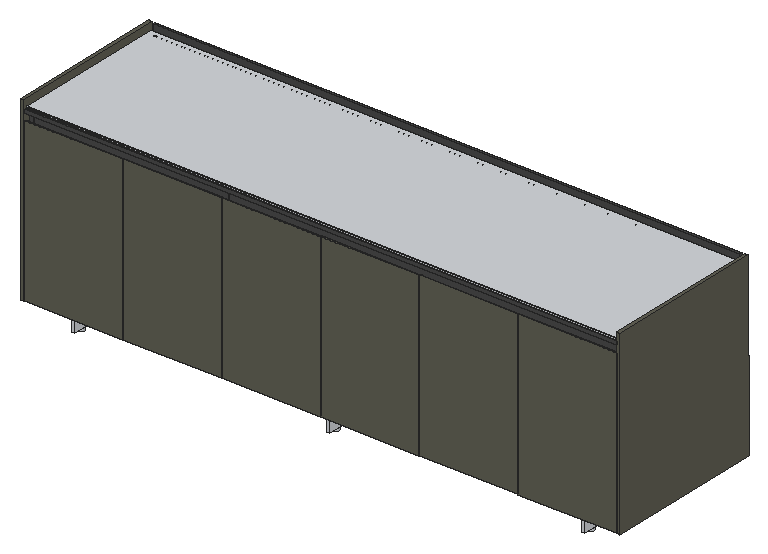
Revit family "Storage-Teknion-CW3B_C+D_Three_Storage_Credenza_29_Height_Low_Base-R2020", category Furniture, Revit 2020 (continued)
Automatic sketch dimensions
  Sweep 22 sketch curve to Sweep 22 sketch curve = 0.250"  (x4)
  Masking region 1 sketch curve to plane 12 = 0.02953"
  Masking region 1 sketch curve to Masking region 1 sketch curve = 0.05906"
  plane 1 "Center Front/Back" to Sweep 25 sketch curve = 10.29016"
  Sweep 25 sketch curve to Sweep 25 sketch curve = 0.3622"
  Sweep 26 sketch curve to plane 8 "Top" = 10.87402"
  Sweep 27 sketch curve to plane 8 "Top" = 11.87402"
  Sweep 28 sketch curve to plane 17 = 0.000"
  Sweep 28 sketch curve to Sweep 28 sketch curve = 0.000"  (x12)
  Sweep 29 sketch curve to plane 17 = 0.000"
  Sweep 30 sketch curve to plane 3 "Center Left/Right" = 0.000"
  Sweep 23 sketch curve to profile plane = 0.000"
  Sweep 16 sketch curve to profile plane = 0.6063"
  Sweep 7 sketch curve to profile plane = 0.000"
  Sweep 7 sketch curve to Sweep 7 sketch curve = 0.11811"
  Sweep 8 sketch curve to Sweep 8 sketch curve = 0.11811"
  Sweep 17 sketch curve to profile plane = 0.6063"
  Sweep 9 sketch curve to Sweep 9 sketch curve = 0.11811"
  Sweep 29 sketch curve to Sweep 29 sketch curve = 2.72441"
  Sweep 10 sketch curve to Sweep 10 sketch curve = 0.6063"
  Sweep 10 sketch curve to Sweep 10 sketch curve = 0.11811"
  Sweep 12 sketch curve to Sweep 12 sketch curve = 0.6063"
  Sweep 12 sketch curve to Sweep 12 sketch curve = 0.11811"
  plane 7 "Front" to curve 3 = 0.000"
  curve 1 to plane 7 "Front" = 0.000"
  curve 6 to plane 6 "Back" = 0.000"
  plane 6 "Back" to curve 3 = 0.000"
  curve 1 to plane 6 "Back" = 0.000"
  curve 11 to plane 6 "Back" = 0.000"
  plane 6 "Back" to curve 5 = 0.000"
  plane 14 to curve 27 = 0.02962"
  plane 18 to curve 100 = 1.000"
  curve 30 to plane 7 "Front" = 0.03937"
  curve 8 to plane 13 = 0.47047"
  curve 12 to curve 5 = 0.000"
  curve 37 to plane 7 "Front" = 0.03937"
  curve 35 to plane 7 "Front" = 0.03937"
  curve 34 to curve 37 = 0.000"
  curve 31 to curve 35 = 0.000"
  curve 29 to curve 34 = 0.000"
  curve 28 to plane 7 "Front" = 0.03937"
  curve 21 to curve 31 = 0.000"
  curve 61 to curve 59 = 0.72441"
  radius of Sweep 28 sketch curve = 0.41476"  (x6)
  radius of Sweep 28 sketch curve = 0.12964"  (x6)
Nested families (in)
  nested 1: "Teknion_2D_Node_Family-R2020" at (-15, 2, 0.00394) x (0.7071, 0.7071, 0) z (0, 0, 1), visible <- "24 2D Node", type "Teknion_2D_Node_Family-R2020"
  nested 2: "Teknion_2D_Node_Family-R2020" at (75, 2, 0.00394) x (0.7071, 0.7071, 0) z (0, 0, 1), visible <- "24 2D Node", type "Teknion_2D_Node_Family-R2020"
  nested 3: "Teknion_2D_Node_Family-R2020" at (-15, -22, 0.00394) x (0.7071, -0.7071, 0) z (0, 0, 1), visible <- "24 2D Node", type "Teknion_2D_Node_Family-R2020"
  nested 4: "Teknion_2D_Node_Family-R2020" at (75, -22, 0.00394) x (0.7071, -0.7071, 0) z (0, 0, 1), visible <- "24 2D Node", type "Teknion_2D_Node_Family-R2020"
  nested 5: "Teknion_2D_Node_Family-R2020" at (-15, 0, 0.00394) x (0.7071, 0.7071, 0) z (0, 0, 1), visible <- "20 2D Node", type "Teknion_2D_Node_Family-R2020"
  nested 6: "Teknion_2D_Node_Family-R2020" at (-15, -20, 0.00394) x (0.7071, 0.7071, 0) z (0, 0, 1), visible <- "20 2D Node", type "Teknion_2D_Node_Family-R2020"
  nested 7: "Teknion_2D_Node_Family-R2020" at (75, -20, 0.00394) x (0.7071, 0.7071, 0) z (0, 0, 1), visible <- "20 2D Node", type "Teknion_2D_Node_Family-R2020"
  nested 8: "Teknion_2D_Node_Family-R2020" at (75, 0, 0.00394) x (0.7071, 0.7071, 0) z (0, 0, 1), visible <- "20 2D Node", type "Teknion_2D_Node_Family-R2020"
  nested 9: "Teknion_2D_Node_Family-R2020" at (15.18963, 2, 0.00394), visible <- "Middle Left Node", type "Teknion_2D_Node_Family-R2020"
  nested 10: "Teknion_2D_Node_Family-R2020" at (44.81037, 2, 0.00394), visible <- "Middle Right Node", type "Teknion_2D_Node_Family-R2020"
  nested 11: "Door-Swing_Symbol-Teknion-2D" at (-7.02657, -21.23622, 0.00394) x (-1, 0, 0) z (0, 0, 1), Swing Width <- "Door L/R Size", visible <- "Left Double Door", type "Standard", detail levels fine
    with Swing Width 14.750", Door Thickness 0.724"
  nested 12: "Door-Swing_Symbol-Teknion-2D" at (52.21521, -21.23622, 0.00394) x (-1, 0, 0) z (0, 0, 1), Swing Width <- "Door L/R Size", visible <- "Right Double Door", type "Standard", detail levels fine
    with Swing Width 14.750", Door Thickness 0.724"
  nested 13: "Door-Swing_Symbol-Teknion-2D" at (67.02657, -21.23622, 0.00394), Swing Width <- "Door L/R Size", visible <- "Right Double Door", type "Standard", detail levels fine
    with Swing Width 14.750", Door Thickness 0.724"
  nested 14: "Door-Swing_Symbol-Teknion-2D" at (37.40581, -21.23622, 0.00394), Swing Width <- "Door C Size", visible <- "Center Closed Storage", type "Standard", detail levels fine
    with Swing Width 14.750", Door Thickness 0.724"
  nested 15: "Door-Swing_Symbol-Teknion-2D" at (7.78447, -21.23622, 0.00394), Swing Width <- "Door L/R Size", visible <- "Left Double Door", type "Standard", detail levels fine
    with Swing Width 14.750", Door Thickness 0.724"
  nested 16: "Door-Swing_Symbol-Teknion-2D" at (22.59486, -21.23622, 0.00394) x (-1, 0, 0) z (0, 0, 1), Swing Width <- "Door C Size", visible <- "Center Closed Storage", type "Standard", detail levels fine
    with Swing Width 14.750", Door Thickness 0.724"
Definition of nested family "Teknion_2D_Node_Family-R2020"
  Reference planes (in)
    plane 1 "Center (Front/Back)": y = 0
    plane 2: z = 0
    plane 3 "Center (Left/Right)": x = 0
  Lines and regions (in)
    detail lines, in view "Ref. Level"
      curve 1: circle (0, 0, 0) r 1.25 normal (0, 0, 1)
      curve 2: line (1.91508, -1.91508, 0) -> (-1.91508, 1.91508, 0)
      curve 3: line (-1.91508, -1.91508, 0) -> (1.91508, 1.91508, 0)
Definition of nested family "Door-Swing_Symbol-Teknion-2D"
  Parameters (values of type "Standard")
    Swing Width [instance] = 26.000"
    Door Thickness [instance] = 2.000"
    Assembly Code = ""
  Reference planes (in)
    plane 1 "Center (Front/Back)": y = 0
    plane 2: z = 0
    plane 3 "Center (Left/Right)": x = 0
    plane 4: x = -13
    plane 5: x = 13
  Lines and regions (in)
    Masking region 1, in view "Ref. Level"
      outline origin (0, 0, 0) x (1, 0, 0) y (0, 1, 0)
        loop
          line (11, 0) -> (11, -26) -> (13, -26) -> (13, 0) -> (11, 0)
    detail lines, in view "Ref. Level"
      curve 1: line (13, 0, 0) -> (13, -26, 0)
      curve 2: arc (-13, 0, 0) -> (-5.38478, -18.38478, 0) -> (13, -26, 0) r 26
  Dimensions and locks (in)
    equal spacing: plane 4, plane 3 "Center (Left/Right)", plane 5
    "Swing Width": plane 4 to plane 5
    "Swing Width": curve 1 to plane 1 "Center (Front/Back)"
    "Swing Width": Masking region 1 sketch curve to Masking region 1 sketch curve
    "Door Thickness": Masking region 1 sketch curve to Masking region 1 sketch curve
    "Swing Width": radius of curve 2
    aligned and locked: plane 1 "Center (Front/Back)" to curve 1
    aligned and locked: plane 1 "Center (Front/Back)" to Masking region 1 sketch curve
    aligned and locked: Masking region 1 sketch curve to plane 5
  Automatic sketch dimensions
    curve 2 to plane 4 = 0.000"
Types (5): name | Width | Top Finish | Right Waste | Right V&A Cut out | Right V&A 2D Lines | Right Double Door | Middle Left Node | Left Waste | Left V&A Cut Out | Left V&A 2D Lines | Left Double Door | Door L/R Size | Door C Size | Description | Center Drawers | Center Closed Storage | Case Finish | 24 2D Node | 20 2D Node | Model | (WDA) Left Wasted, Center Drawers, Right A/V | (CCC) All Close Storage | (VCW) Left A/V with Upper Drawer, Center Closed Storage, Right Wasted | Depth | (ACW) Left A/V, Center Closed Storage, Right Wasted
  (no name) | 90.000" | none | no | 8.000" | no | yes | no | no | 8.000" | no | yes | 14.750" | 14.750" | "C+D Three Storage Credenza, 29\" Height, Low Based, 24\" Depth, 90\" Width" | no | yes | Veneer - Teknion - VP - Chia | yes | no | "CW3B_2490" | no | yes | no | 24.000" | no
  20D x 90W | 90.000" | Veneer -Teknion - UR - Rustic Oak - Natural | yes | 8.000" | no | no | no | no | 15.000" | yes | yes | 14.750" | 14.750" | "C+D Three Storage Credenza, 29\" Height, Low Based, 20\" Depth, 90\" Width" | no | yes | Veneer -Teknion - UZ - Rustic Oak - Truffle | no | yes | "CW3B_2090" | no | no | yes | 20.000" | no
  20D x 108W | 108.000" | Back-painted Glass - BQ - Teknion - Anthracite | yes | 8.000" | no | no | no | no | 15.000" | yes | yes | 17.769" | 17.750" | "C+D Three Storage Credenza, 29\" Height, Low Based, 20\" Depth, 108\" Width" | no | yes | Veneer - Teknion - VJ - Bistre | no | yes | "CW3B_20108" | no | no | no | 20.000" | yes
  24D x 108W | 108.000" | none | no | 15.000" | yes | yes | yes | yes | 8.000" | no | no | 17.769" | 17.750" | "C+D Three Storage Credenza, 29\" Height, Low Based, 24\" Depth, 108\" Width" | yes | no | Veneer - Teknion - VP - Chia | yes | no | "CW3B_24108" | yes | no | no | 24.000" | no
  24D x 90W | 90.000" | none | no | 8.000" | no | yes | no | no | 8.000" | no | yes | 14.750" | 14.750" | "C+D Three Storage Credenza, 29\" Height, Low Based, 24\" Depth, 90\" Width" | no | yes | Veneer - Teknion - VP - Chia | yes | no | "CW3B_2490" | no | yes | no | 24.000" | no
